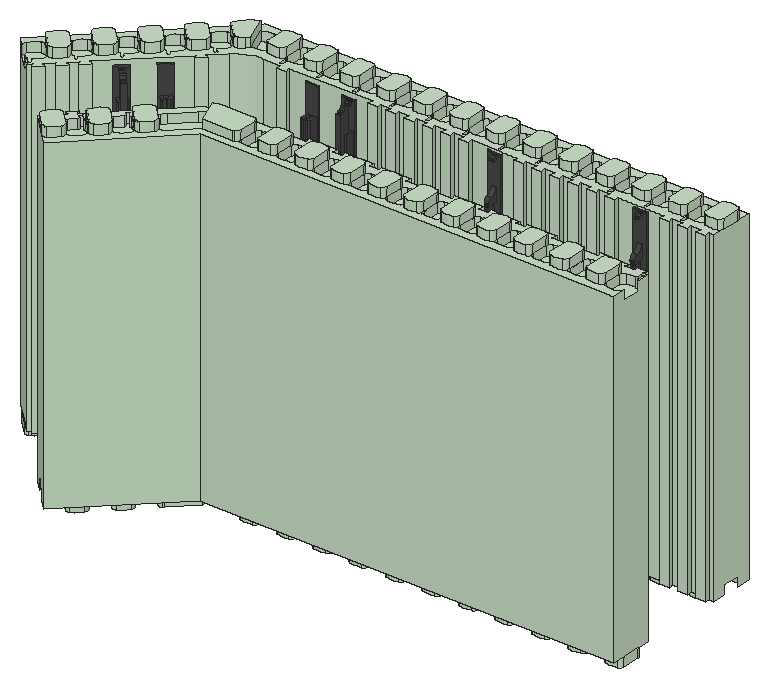
Revit family "ICF- NUDURA 4-inch- 45 Degree Form Unit- Imperial", category Generic Models, Revit 2011
Reference planes (in)
  plane 1 "Center (Front/Back)": y = 0
  plane 2: z = 0
  plane 3 "Center (Left/Right)": x = 0
  plane 4: y = 2
  plane 5: y = -2
  plane 6: through (-0.53553, 2.29289, 48) normal (0.7071, -0.7071, 0)
  plane 7: through (4.67464, 4.67464, 48) normal (0.7071, -0.7071, 0)
  plane 8: through (6.08886, 3.26043, 48) normal (0.7071, -0.7071, 0)
  plane 9: z = 18
  plane 10: through (-9.36225, -2.82151, 48) normal (0.7071, 0.7071, 0)
Forms (in)
  Extrusion 1, solid, material "NUDURA Expanded Polystyrene Foam Insulation"
    sketch origin (0, 0, 0) x (1, 0, 0) y (0, 1, 0)
      loop
        line (-1.91574, 4.625) -> (-9.36225, -2.82151) -> (-7.68287, -4.50089) -> (-7.48406, -4.30208) -> (-7.35136, -4.52293) -> (-6.95373, -4.1253) -> (-7.17458, -3.9926) -> (-6.77695, -3.59497) -> (-6.64425, -3.81582) -> (-6.24662, -3.41819) -> (-6.46747, -3.28549) -> (-6.06985, -2.88786) -> (-5.93714, -3.10872) -> (-5.53952, -2.71109) -> (-5.76037, -2.57839) -> (-2.53419, 0.64779) -> (-2.40149, 0.42694) -> (-2.00386, 0.82456) -> (-2.22471, 0.95727) -> (-1.51777, 1.66421)
        arc (-1.51777, 1.66421) -> (-0.86892, 2.09776) -> (-0.10355, 2.25) r 2
        line (-0.10355, 2.25) -> (0.89622, 2.25) -> (0.83389, 2) -> (1.39622, 2) -> (1.33389, 2.25) -> (5.89639, 2.25) -> (5.83406, 2) -> (6.39639, 2) -> (6.33406, 2.25) -> (6.89639, 2.25) -> (6.83406, 2) -> (7.39639, 2) -> (7.33406, 2.25) -> (7.89639, 2.25) -> (7.83406, 2) -> (8.39639, 2) -> (8.33406, 2.25) -> (8.89639, 2.25) -> (8.83406, 2) -> (9.39639, 2) -> (9.33406, 2.25) -> (9.89639, 2.25) -> (9.83406, 2) -> (10.39639, 2) -> (10.33406, 2.25) -> (10.89639, 2.25) -> (10.83406, 2) -> (11.39639, 2) -> (11.33406, 2.25) -> (13.89639, 2.25) -> (13.83406, 2) -> (14.39639, 2) -> (14.33406, 2.25) -> (14.89639, 2.25) -> (14.83406, 2) -> (15.39639, 2) -> (15.33406, 2.25) -> (15.89639, 2.25) -> (15.83406, 2) -> (16.39639, 2) -> (16.33406, 2.25) -> (16.89639, 2.25) -> (16.83406, 2) -> (17.39639, 2) -> (17.33406, 2.25) -> (17.89639, 2.25) -> (17.83406, 2) -> (18.39639, 2) -> (18.33406, 2.25) -> (18.89639, 2.25) -> (18.83406, 2) -> (19.39639, 2) -> (19.33406, 2.25) -> (21.89639, 2.25) -> (21.83406, 2) -> (22.39639, 2) -> (22.33406, 2.25) -> (22.89639, 2.25) -> (22.83406, 2) -> (23.39639, 2) -> (23.33406, 2.25) -> (23.89639, 2.25) -> (23.83406, 2) -> (24.39639, 2) -> (24.33406, 2.25) -> (24.61522, 2.25) -> (24.61522, 4.625) -> (-1.91574, 4.625)
      loop
        line (24.61522, -2.25) -> (24.33406, -2.25) -> (24.39639, -2) -> (23.83406, -2) -> (23.89639, -2.25) -> (23.33406, -2.25) -> (23.39639, -2) -> (22.83406, -2) -> (22.89639, -2.25) -> (22.33406, -2.25) -> (22.39639, -2) -> (21.83406, -2) -> (21.89639, -2.25) -> (19.33406, -2.25) -> (19.39639, -2) -> (18.83406, -2) -> (18.89639, -2.25) -> (18.33406, -2.25) -> (18.39639, -2) -> (17.83406, -2) -> (17.89639, -2.25) -> (17.33406, -2.25) -> (17.39639, -2) -> (16.83406, -2) -> (16.89639, -2.25) -> (16.33406, -2.25) -> (16.39639, -2) -> (15.83406, -2) -> (15.89639, -2.25) -> (15.33406, -2.25) -> (15.39639, -2) -> (14.83406, -2) -> (14.89639, -2.25) -> (14.33406, -2.25) -> (14.39639, -2) -> (13.83406, -2) -> (13.89639, -2.25) -> (11.33406, -2.25) -> (11.39639, -2) -> (10.83406, -2) -> (10.89639, -2.25) -> (10.33406, -2.25) -> (10.39639, -2) -> (9.83406, -2) -> (9.89639, -2.25) -> (9.33406, -2.25) -> (9.39639, -2) -> (8.83406, -2) -> (8.89639, -2.25) -> (8.33406, -2.25) -> (8.39639, -2) -> (7.83406, -2) -> (7.89639, -2.25) -> (7.33406, -2.25) -> (7.39639, -2) -> (6.83406, -2) -> (6.89639, -2.25) -> (6.33406, -2.25) -> (6.39639, -2) -> (5.83406, -2) -> (5.89639, -2.25) -> (1.76041, -2.25)
        arc (1.76041, -2.25) -> (0.99504, -2.40224) -> (0.34619, -2.83579) r 2
        line (0.34619, -2.83579) -> (-2.57839, -5.76037) -> (-2.71109, -5.53952) -> (-3.10872, -5.93714) -> (-2.88786, -6.06985) -> (-3.28549, -6.46747) -> (-3.41819, -6.24662) -> (-3.81582, -6.64425) -> (-3.59497, -6.77695) -> (-3.9926, -7.17458) -> (-4.1253, -6.95373) -> (-4.52293, -7.35136) -> (-4.30208, -7.48406) -> (-4.50089, -7.68287) -> (-2.82151, -9.36225) -> (1.91574, -4.625) -> (24.61522, -4.625) -> (24.61522, -2.25)
    from 0 to 18
  Extrusion 2, solid, material "NUDURA Expanded Polystyrene Foam Insulation"
    sketch origin (0.41421, -1, 0) x (1, 0, 0) y (0, 1, 0)
      loop
        line (-1.52741, 3.6875) -> (-2.09947, 5.06856)
        arc (-2.09947, 5.06856) -> (-2.3696, 4.92417) -> (-2.60638, 4.72985) r 1.5625
        line (-2.60638, 4.72985) -> (-2.74959, 4.58664)
        arc (-2.74959, 4.58664) -> (-2.85744, 4.46046) -> (-2.94431, 4.31902) r 1.0625
        arc (-2.94431, 4.31902) -> (-2.96867, 4.16628) -> (-2.8985, 4.02844) r 0.25
        line (-2.8985, 4.02844) -> (-2.24713, 3.37708)
        arc (-2.24713, 3.37708) -> (-2.10929, 3.3069) -> (-1.95655, 3.33126) r 0.25
        arc (-1.95655, 3.33126) -> (-1.81511, 3.41814) -> (-1.68893, 3.52598) r 1.0625
        line (-1.68893, 3.52598) -> (-1.52741, 3.6875)
    from 18 to 18.5
  Extrusion 3, solid, material "NUDURA Expanded Polystyrene Foam Insulation"
    sketch origin (0.41421, -1, 0) x (1, 0, 0) y (0, 1, 0)
      loop
        line (-1.52741, 3.6875) -> (-1.29899, 3.6875)
        arc (-1.29899, 3.6875) -> (-1.13351, 3.70047) -> (-0.97207, 3.73905) r 1.0625
        arc (-0.97207, 3.73905) -> (-0.84684, 3.82983) -> (-0.79899, 3.97692) r 0.25
        line (-0.79899, 3.97692) -> (-0.79899, 4.89808)
        arc (-0.79899, 4.89808) -> (-0.84684, 5.04517) -> (-0.97207, 5.13595) r 0.25
        arc (-0.97207, 5.13595) -> (-1.13351, 5.17453) -> (-1.29899, 5.1875) r 1.0625
        line (-1.29899, 5.1875) -> (-1.50152, 5.1875)
        arc (-1.50152, 5.1875) -> (-1.80635, 5.15748) -> (-2.09947, 5.06856) r 1.5625
        line (-2.09947, 5.06856) -> (-1.52741, 3.6875)
    from 0 to -0.5
  Extrusion 4, void
    sketch origin (-1, 0.41421, 0) x (1, 0, 0) y (0, 1, 0)
      loop
        arc (-1.33783, -8.60117) -> (-1.07021, -8.40645) -> (-0.87549, -8.13883) r 1.0625
        arc (-0.87549, -8.13883) -> (-0.85114, -7.98608) -> (-0.92131, -7.84824) r 0.25
        line (-0.92131, -7.84824) -> (-1.57267, -7.19688)
        arc (-1.57267, -7.19688) -> (-1.64938, -7.14456) -> (-1.7399, -7.12384) r 0.25
        arc (-1.7399, -7.12384) -> (-1.76253, -7.11866) -> (-1.78171, -7.10558) r 0.0625
        line (-1.78171, -7.10558) -> (-2.02643, -6.86086) -> (-2.14723, -6.98165) -> (-1.99053, -7.13835)
        arc (-1.99053, -7.13835) -> (-1.97244, -7.18765) -> (-1.99833, -7.23335) r 0.0625
        arc (-1.99833, -7.23335) -> (-2.18471, -7.40379) -> (-2.32559, -7.6134) r 1.0625
        arc (-2.32559, -7.6134) -> (-2.34995, -7.76615) -> (-2.27978, -7.90399) r 0.25
        line (-2.27978, -7.90399) -> (-1.62842, -8.55535)
        arc (-1.62842, -8.55535) -> (-1.49058, -8.62552) -> (-1.33783, -8.60117) r 0.25
    from 18 to 17.5
  Extrusion 5, void
    sketch origin (0.41421, 1.82843, 0) x (1, 0, 0) y (0, 1, 0)
      loop
        arc (-1.33783, -8.60117) -> (-1.07021, -8.40645) -> (-0.87549, -8.13883) r 1.0625
        arc (-0.87549, -8.13883) -> (-0.85114, -7.98608) -> (-0.92131, -7.84824) r 0.25
        line (-0.92131, -7.84824) -> (-1.57267, -7.19688)
        arc (-1.57267, -7.19688) -> (-1.64938, -7.14456) -> (-1.7399, -7.12384) r 0.25
        arc (-1.7399, -7.12384) -> (-1.76253, -7.11866) -> (-1.78171, -7.10558) r 0.0625
        line (-1.78171, -7.10558) -> (-2.02643, -6.86086) -> (-2.14723, -6.98165) -> (-1.99053, -7.13835)
        arc (-1.99053, -7.13835) -> (-1.97244, -7.18765) -> (-1.99833, -7.23335) r 0.0625
        arc (-1.99833, -7.23335) -> (-2.18471, -7.40379) -> (-2.32559, -7.6134) r 1.0625
        arc (-2.32559, -7.6134) -> (-2.34995, -7.76615) -> (-2.27978, -7.90399) r 0.25
        line (-2.27978, -7.90399) -> (-1.62842, -8.55535)
        arc (-1.62842, -8.55535) -> (-1.49058, -8.62552) -> (-1.33783, -8.60117) r 0.25
    from 18 to 17.5
  Extrusion 6, void
    sketch origin (10.81623, 1, 0) x (0.707107, -0.707107, 0) y (0.707107, 0.707107, 0)
      loop
        arc (-1.33783, -8.60117) -> (-1.07021, -8.40645) -> (-0.87549, -8.13883) r 1.0625
        arc (-0.87549, -8.13883) -> (-0.85114, -7.98608) -> (-0.92131, -7.84824) r 0.25
        line (-0.92131, -7.84824) -> (-1.57267, -7.19688)
        arc (-1.57267, -7.19688) -> (-1.64938, -7.14456) -> (-1.7399, -7.12384) r 0.25
        arc (-1.7399, -7.12384) -> (-1.76253, -7.11866) -> (-1.78171, -7.10558) r 0.0625
        line (-1.78171, -7.10558) -> (-2.02643, -6.86086) -> (-2.14723, -6.98165) -> (-1.99053, -7.13835)
        arc (-1.99053, -7.13835) -> (-1.97244, -7.18765) -> (-1.99833, -7.23335) r 0.0625
        arc (-1.99833, -7.23335) -> (-2.18471, -7.40379) -> (-2.32559, -7.6134) r 1.0625
        arc (-2.32559, -7.6134) -> (-2.34995, -7.76615) -> (-2.27978, -7.90399) r 0.25
        line (-2.27978, -7.90399) -> (-1.62842, -8.55535)
        arc (-1.62842, -8.55535) -> (-1.49058, -8.62552) -> (-1.33783, -8.60117) r 0.25
    from 18 to 17.5
  Extrusion 7, void
    sketch origin (12.81623, 1, 0) x (0.707107, -0.707107, 0) y (0.707107, 0.707107, 0)
      loop
        arc (-1.33783, -8.60117) -> (-1.07021, -8.40645) -> (-0.87549, -8.13883) r 1.0625
        arc (-0.87549, -8.13883) -> (-0.85114, -7.98608) -> (-0.92131, -7.84824) r 0.25
        line (-0.92131, -7.84824) -> (-1.57267, -7.19688)
        arc (-1.57267, -7.19688) -> (-1.64938, -7.14456) -> (-1.7399, -7.12384) r 0.25
        arc (-1.7399, -7.12384) -> (-1.76253, -7.11866) -> (-1.78171, -7.10558) r 0.0625
        line (-1.78171, -7.10558) -> (-2.02643, -6.86086) -> (-2.14723, -6.98165) -> (-1.99053, -7.13835)
        arc (-1.99053, -7.13835) -> (-1.97244, -7.18765) -> (-1.99833, -7.23335) r 0.0625
        arc (-1.99833, -7.23335) -> (-2.18471, -7.40379) -> (-2.32559, -7.6134) r 1.0625
        arc (-2.32559, -7.6134) -> (-2.34995, -7.76615) -> (-2.27978, -7.90399) r 0.25
        line (-2.27978, -7.90399) -> (-1.62842, -8.55535)
        arc (-1.62842, -8.55535) -> (-1.49058, -8.62552) -> (-1.33783, -8.60117) r 0.25
    from 18 to 17.5
  Extrusion 8, void
    sketch origin (14.81623, 1, 0) x (0.707107, -0.707107, 0) y (0.707107, 0.707107, 0)
      loop
        arc (-1.33783, -8.60117) -> (-1.07021, -8.40645) -> (-0.87549, -8.13883) r 1.0625
        arc (-0.87549, -8.13883) -> (-0.85114, -7.98608) -> (-0.92131, -7.84824) r 0.25
        line (-0.92131, -7.84824) -> (-1.57267, -7.19688)
        arc (-1.57267, -7.19688) -> (-1.64938, -7.14456) -> (-1.7399, -7.12384) r 0.25
        arc (-1.7399, -7.12384) -> (-1.76253, -7.11866) -> (-1.78171, -7.10558) r 0.0625
        line (-1.78171, -7.10558) -> (-2.02643, -6.86086) -> (-2.14723, -6.98165) -> (-1.99053, -7.13835)
        arc (-1.99053, -7.13835) -> (-1.97244, -7.18765) -> (-1.99833, -7.23335) r 0.0625
        arc (-1.99833, -7.23335) -> (-2.18471, -7.40379) -> (-2.32559, -7.6134) r 1.0625
        arc (-2.32559, -7.6134) -> (-2.34995, -7.76615) -> (-2.27978, -7.90399) r 0.25
        line (-2.27978, -7.90399) -> (-1.62842, -8.55535)
        arc (-1.62842, -8.55535) -> (-1.49058, -8.62552) -> (-1.33783, -8.60117) r 0.25
    from 18 to 17.5
  Extrusion 9, void
    sketch origin (16.81623, 1, 0) x (0.707107, -0.707107, 0) y (0.707107, 0.707107, 0)
      loop
        arc (-1.33783, -8.60117) -> (-1.07021, -8.40645) -> (-0.87549, -8.13883) r 1.0625
        arc (-0.87549, -8.13883) -> (-0.85114, -7.98608) -> (-0.92131, -7.84824) r 0.25
        line (-0.92131, -7.84824) -> (-1.57267, -7.19688)
        arc (-1.57267, -7.19688) -> (-1.64938, -7.14456) -> (-1.7399, -7.12384) r 0.25
        arc (-1.7399, -7.12384) -> (-1.76253, -7.11866) -> (-1.78171, -7.10558) r 0.0625
        line (-1.78171, -7.10558) -> (-2.02643, -6.86086) -> (-2.14723, -6.98165) -> (-1.99053, -7.13835)
        arc (-1.99053, -7.13835) -> (-1.97244, -7.18765) -> (-1.99833, -7.23335) r 0.0625
        arc (-1.99833, -7.23335) -> (-2.18471, -7.40379) -> (-2.32559, -7.6134) r 1.0625
        arc (-2.32559, -7.6134) -> (-2.34995, -7.76615) -> (-2.27978, -7.90399) r 0.25
        line (-2.27978, -7.90399) -> (-1.62842, -8.55535)
        arc (-1.62842, -8.55535) -> (-1.49058, -8.62552) -> (-1.33783, -8.60117) r 0.25
    from 18 to 17.5
  Extrusion 10, void
    sketch origin (18.81623, 1, 0) x (0.707107, -0.707107, 0) y (0.707107, 0.707107, 0)
      loop
        arc (-1.33783, -8.60117) -> (-1.07021, -8.40645) -> (-0.87549, -8.13883) r 1.0625
        arc (-0.87549, -8.13883) -> (-0.85114, -7.98608) -> (-0.92131, -7.84824) r 0.25
        line (-0.92131, -7.84824) -> (-1.57267, -7.19688)
        arc (-1.57267, -7.19688) -> (-1.64938, -7.14456) -> (-1.7399, -7.12384) r 0.25
        arc (-1.7399, -7.12384) -> (-1.76253, -7.11866) -> (-1.78171, -7.10558) r 0.0625
        line (-1.78171, -7.10558) -> (-2.02643, -6.86086) -> (-2.14723, -6.98165) -> (-1.99053, -7.13835)
        arc (-1.99053, -7.13835) -> (-1.97244, -7.18765) -> (-1.99833, -7.23335) r 0.0625
        arc (-1.99833, -7.23335) -> (-2.18471, -7.40379) -> (-2.32559, -7.6134) r 1.0625
        arc (-2.32559, -7.6134) -> (-2.34995, -7.76615) -> (-2.27978, -7.90399) r 0.25
        line (-2.27978, -7.90399) -> (-1.62842, -8.55535)
        arc (-1.62842, -8.55535) -> (-1.49058, -8.62552) -> (-1.33783, -8.60117) r 0.25
    from 18 to 17.5
  Extrusion 11, void
    sketch origin (20.81623, 1, 0) x (0.707107, -0.707107, 0) y (0.707107, 0.707107, 0)
      loop
        arc (-1.33783, -8.60117) -> (-1.07021, -8.40645) -> (-0.87549, -8.13883) r 1.0625
        arc (-0.87549, -8.13883) -> (-0.85114, -7.98608) -> (-0.92131, -7.84824) r 0.25
        line (-0.92131, -7.84824) -> (-1.57267, -7.19688)
        arc (-1.57267, -7.19688) -> (-1.64938, -7.14456) -> (-1.7399, -7.12384) r 0.25
        arc (-1.7399, -7.12384) -> (-1.76253, -7.11866) -> (-1.78171, -7.10558) r 0.0625
        line (-1.78171, -7.10558) -> (-2.02643, -6.86086) -> (-2.14723, -6.98165) -> (-1.99053, -7.13835)
        arc (-1.99053, -7.13835) -> (-1.97244, -7.18765) -> (-1.99833, -7.23335) r 0.0625
        arc (-1.99833, -7.23335) -> (-2.18471, -7.40379) -> (-2.32559, -7.6134) r 1.0625
        arc (-2.32559, -7.6134) -> (-2.34995, -7.76615) -> (-2.27978, -7.90399) r 0.25
        line (-2.27978, -7.90399) -> (-1.62842, -8.55535)
        arc (-1.62842, -8.55535) -> (-1.49058, -8.62552) -> (-1.33783, -8.60117) r 0.25
    from 18 to 17.5
  Extrusion 12, void
    sketch origin (22.81623, 1, 0) x (0.707107, -0.707107, 0) y (0.707107, 0.707107, 0)
      loop
        arc (-1.33783, -8.60117) -> (-1.07021, -8.40645) -> (-0.87549, -8.13883) r 1.0625
        arc (-0.87549, -8.13883) -> (-0.85114, -7.98608) -> (-0.92131, -7.84824) r 0.25
        line (-0.92131, -7.84824) -> (-1.57267, -7.19688)
        arc (-1.57267, -7.19688) -> (-1.64938, -7.14456) -> (-1.7399, -7.12384) r 0.25
        arc (-1.7399, -7.12384) -> (-1.76253, -7.11866) -> (-1.78171, -7.10558) r 0.0625
        line (-1.78171, -7.10558) -> (-2.02643, -6.86086) -> (-2.14723, -6.98165) -> (-1.99053, -7.13835)
        arc (-1.99053, -7.13835) -> (-1.97244, -7.18765) -> (-1.99833, -7.23335) r 0.0625
        arc (-1.99833, -7.23335) -> (-2.18471, -7.40379) -> (-2.32559, -7.6134) r 1.0625
        arc (-2.32559, -7.6134) -> (-2.34995, -7.76615) -> (-2.27978, -7.90399) r 0.25
        line (-2.27978, -7.90399) -> (-1.62842, -8.55535)
        arc (-1.62842, -8.55535) -> (-1.49058, -8.62552) -> (-1.33783, -8.60117) r 0.25
    from 18 to 17.5
  Extrusion 13, void
    sketch origin (24.81623, 1, 0) x (0.707107, -0.707107, 0) y (0.707107, 0.707107, 0)
      loop
        arc (-1.33783, -8.60117) -> (-1.07021, -8.40645) -> (-0.87549, -8.13883) r 1.0625
        arc (-0.87549, -8.13883) -> (-0.85114, -7.98608) -> (-0.92131, -7.84824) r 0.25
        line (-0.92131, -7.84824) -> (-1.57267, -7.19688)
        arc (-1.57267, -7.19688) -> (-1.64938, -7.14456) -> (-1.7399, -7.12384) r 0.25
        arc (-1.7399, -7.12384) -> (-1.76253, -7.11866) -> (-1.78171, -7.10558) r 0.0625
        line (-1.78171, -7.10558) -> (-2.02643, -6.86086) -> (-2.14723, -6.98165) -> (-1.99053, -7.13835)
        arc (-1.99053, -7.13835) -> (-1.97244, -7.18765) -> (-1.99833, -7.23335) r 0.0625
        arc (-1.99833, -7.23335) -> (-2.18471, -7.40379) -> (-2.32559, -7.6134) r 1.0625
        arc (-2.32559, -7.6134) -> (-2.34995, -7.76615) -> (-2.27978, -7.90399) r 0.25
        line (-2.27978, -7.90399) -> (-1.62842, -8.55535)
        arc (-1.62842, -8.55535) -> (-1.49058, -8.62552) -> (-1.33783, -8.60117) r 0.25
    from 18 to 17.5
  Extrusion 14, void
    sketch origin (26.81623, 1, 0) x (0.707107, -0.707107, 0) y (0.707107, 0.707107, 0)
      loop
        arc (-1.33783, -8.60117) -> (-1.07021, -8.40645) -> (-0.87549, -8.13883) r 1.0625
        arc (-0.87549, -8.13883) -> (-0.85114, -7.98608) -> (-0.92131, -7.84824) r 0.25
        line (-0.92131, -7.84824) -> (-1.57267, -7.19688)
        arc (-1.57267, -7.19688) -> (-1.64938, -7.14456) -> (-1.7399, -7.12384) r 0.25
        arc (-1.7399, -7.12384) -> (-1.76253, -7.11866) -> (-1.78171, -7.10558) r 0.0625
        line (-1.78171, -7.10558) -> (-2.02643, -6.86086) -> (-2.14723, -6.98165) -> (-1.99053, -7.13835)
        arc (-1.99053, -7.13835) -> (-1.97244, -7.18765) -> (-1.99833, -7.23335) r 0.0625
        arc (-1.99833, -7.23335) -> (-2.18471, -7.40379) -> (-2.32559, -7.6134) r 1.0625
        arc (-2.32559, -7.6134) -> (-2.34995, -7.76615) -> (-2.27978, -7.90399) r 0.25
        line (-2.27978, -7.90399) -> (-1.62842, -8.55535)
        arc (-1.62842, -8.55535) -> (-1.49058, -8.62552) -> (-1.33783, -8.60117) r 0.25
    from 18 to 17.5
  Extrusion 15, void
    sketch origin (28.81623, 1, 0) x (0.707107, -0.707107, 0) y (0.707107, 0.707107, 0)
      loop
        arc (-1.33783, -8.60117) -> (-1.07021, -8.40645) -> (-0.87549, -8.13883) r 1.0625
        arc (-0.87549, -8.13883) -> (-0.85114, -7.98608) -> (-0.92131, -7.84824) r 0.25
        line (-0.92131, -7.84824) -> (-1.57267, -7.19688)
        arc (-1.57267, -7.19688) -> (-1.64938, -7.14456) -> (-1.7399, -7.12384) r 0.25
        arc (-1.7399, -7.12384) -> (-1.76253, -7.11866) -> (-1.78171, -7.10558) r 0.0625
        line (-1.78171, -7.10558) -> (-2.02643, -6.86086) -> (-2.14723, -6.98165) -> (-1.99053, -7.13835)
        arc (-1.99053, -7.13835) -> (-1.97244, -7.18765) -> (-1.99833, -7.23335) r 0.0625
        arc (-1.99833, -7.23335) -> (-2.18471, -7.40379) -> (-2.32559, -7.6134) r 1.0625
        arc (-2.32559, -7.6134) -> (-2.34995, -7.76615) -> (-2.27978, -7.90399) r 0.25
        line (-2.27978, -7.90399) -> (-1.62842, -8.55535)
        arc (-1.62842, -8.55535) -> (-1.49058, -8.62552) -> (-1.33783, -8.60117) r 0.25
    from 18 to 17.5
  Extrusion 16, void
    sketch origin (30.81623, 1, 0) x (0.707107, -0.707107, 0) y (0.707107, 0.707107, 0)
      loop
        arc (-1.33783, -8.60117) -> (-1.07021, -8.40645) -> (-0.87549, -8.13883) r 1.0625
        arc (-0.87549, -8.13883) -> (-0.85114, -7.98608) -> (-0.92131, -7.84824) r 0.25
        line (-0.92131, -7.84824) -> (-1.57267, -7.19688)
        arc (-1.57267, -7.19688) -> (-1.64938, -7.14456) -> (-1.7399, -7.12384) r 0.25
        arc (-1.7399, -7.12384) -> (-1.76253, -7.11866) -> (-1.78171, -7.10558) r 0.0625
        line (-1.78171, -7.10558) -> (-2.02643, -6.86086) -> (-2.14723, -6.98165) -> (-1.99053, -7.13835)
        arc (-1.99053, -7.13835) -> (-1.97244, -7.18765) -> (-1.99833, -7.23335) r 0.0625
        arc (-1.99833, -7.23335) -> (-2.18471, -7.40379) -> (-2.32559, -7.6134) r 1.0625
        arc (-2.32559, -7.6134) -> (-2.34995, -7.76615) -> (-2.27978, -7.90399) r 0.25
        line (-2.27978, -7.90399) -> (-1.62842, -8.55535)
        arc (-1.62842, -8.55535) -> (-1.49058, -8.62552) -> (-1.33783, -8.60117) r 0.25
    from 18 to 17.5
  Extrusion 17, void
    sketch origin (14.41421, -1, 0) x (-0.707107, 0.707107, 0) y (-0.707107, -0.707107, 0)
      loop
        arc (-1.33783, -8.60117) -> (-1.07021, -8.40645) -> (-0.87549, -8.13883) r 1.0625
        arc (-0.87549, -8.13883) -> (-0.85114, -7.98608) -> (-0.92131, -7.84824) r 0.25
        line (-0.92131, -7.84824) -> (-1.57267, -7.19688)
        arc (-1.57267, -7.19688) -> (-1.64938, -7.14456) -> (-1.7399, -7.12384) r 0.25
        arc (-1.7399, -7.12384) -> (-1.76253, -7.11866) -> (-1.78171, -7.10558) r 0.0625
        line (-1.78171, -7.10558) -> (-2.02643, -6.86086) -> (-2.14723, -6.98165) -> (-1.99053, -7.13835)
        arc (-1.99053, -7.13835) -> (-1.97244, -7.18765) -> (-1.99833, -7.23335) r 0.0625
        arc (-1.99833, -7.23335) -> (-2.18471, -7.40379) -> (-2.32559, -7.6134) r 1.0625
        arc (-2.32559, -7.6134) -> (-2.34995, -7.76615) -> (-2.27978, -7.90399) r 0.25
        line (-2.27978, -7.90399) -> (-1.62842, -8.55535)
        arc (-1.62842, -8.55535) -> (-1.49058, -8.62552) -> (-1.33783, -8.60117) r 0.25
    from 18 to 17.5
  Extrusion 18, void
    sketch origin (16.41421, -1, 0) x (-0.707107, 0.707107, 0) y (-0.707107, -0.707107, 0)
      loop
        arc (-1.33783, -8.60117) -> (-1.07021, -8.40645) -> (-0.87549, -8.13883) r 1.0625
        arc (-0.87549, -8.13883) -> (-0.85114, -7.98608) -> (-0.92131, -7.84824) r 0.25
        line (-0.92131, -7.84824) -> (-1.57267, -7.19688)
        arc (-1.57267, -7.19688) -> (-1.64938, -7.14456) -> (-1.7399, -7.12384) r 0.25
        arc (-1.7399, -7.12384) -> (-1.76253, -7.11866) -> (-1.78171, -7.10558) r 0.0625
        line (-1.78171, -7.10558) -> (-2.02643, -6.86086) -> (-2.14723, -6.98165) -> (-1.99053, -7.13835)
        arc (-1.99053, -7.13835) -> (-1.97244, -7.18765) -> (-1.99833, -7.23335) r 0.0625
        arc (-1.99833, -7.23335) -> (-2.18471, -7.40379) -> (-2.32559, -7.6134) r 1.0625
        arc (-2.32559, -7.6134) -> (-2.34995, -7.76615) -> (-2.27978, -7.90399) r 0.25
        line (-2.27978, -7.90399) -> (-1.62842, -8.55535)
        arc (-1.62842, -8.55535) -> (-1.49058, -8.62552) -> (-1.33783, -8.60117) r 0.25
    from 18 to 17.5
  Extrusion 19, void
    sketch origin (12.41421, -1, 0) x (-0.707107, 0.707107, 0) y (-0.707107, -0.707107, 0)
      loop
        arc (-1.33783, -8.60117) -> (-1.07021, -8.40645) -> (-0.87549, -8.13883) r 1.0625
        arc (-0.87549, -8.13883) -> (-0.85114, -7.98608) -> (-0.92131, -7.84824) r 0.25
        line (-0.92131, -7.84824) -> (-1.57267, -7.19688)
        arc (-1.57267, -7.19688) -> (-1.64938, -7.14456) -> (-1.7399, -7.12384) r 0.25
        arc (-1.7399, -7.12384) -> (-1.76253, -7.11866) -> (-1.78171, -7.10558) r 0.0625
        line (-1.78171, -7.10558) -> (-2.02643, -6.86086) -> (-2.14723, -6.98165) -> (-1.99053, -7.13835)
        arc (-1.99053, -7.13835) -> (-1.97244, -7.18765) -> (-1.99833, -7.23335) r 0.0625
        arc (-1.99833, -7.23335) -> (-2.18471, -7.40379) -> (-2.32559, -7.6134) r 1.0625
        arc (-2.32559, -7.6134) -> (-2.34995, -7.76615) -> (-2.27978, -7.90399) r 0.25
        line (-2.27978, -7.90399) -> (-1.62842, -8.55535)
        arc (-1.62842, -8.55535) -> (-1.49058, -8.62552) -> (-1.33783, -8.60117) r 0.25
    from 18 to 17.5
  Extrusion 20, void
    sketch origin (10.41421, -1, 0) x (-0.707107, 0.707107, 0) y (-0.707107, -0.707107, 0)
      loop
        arc (-1.33783, -8.60117) -> (-1.07021, -8.40645) -> (-0.87549, -8.13883) r 1.0625
        arc (-0.87549, -8.13883) -> (-0.85114, -7.98608) -> (-0.92131, -7.84824) r 0.25
        line (-0.92131, -7.84824) -> (-1.57267, -7.19688)
        arc (-1.57267, -7.19688) -> (-1.64938, -7.14456) -> (-1.7399, -7.12384) r 0.25
        arc (-1.7399, -7.12384) -> (-1.76253, -7.11866) -> (-1.78171, -7.10558) r 0.0625
        line (-1.78171, -7.10558) -> (-2.02643, -6.86086) -> (-2.14723, -6.98165) -> (-1.99053, -7.13835)
        arc (-1.99053, -7.13835) -> (-1.97244, -7.18765) -> (-1.99833, -7.23335) r 0.0625
        arc (-1.99833, -7.23335) -> (-2.18471, -7.40379) -> (-2.32559, -7.6134) r 1.0625
        arc (-2.32559, -7.6134) -> (-2.34995, -7.76615) -> (-2.27978, -7.90399) r 0.25
        line (-2.27978, -7.90399) -> (-1.62842, -8.55535)
        arc (-1.62842, -8.55535) -> (-1.49058, -8.62552) -> (-1.33783, -8.60117) r 0.25
    from 18 to 17.5
  Extrusion 21, void
    sketch origin (8.41421, -1, 0) x (-0.707107, 0.707107, 0) y (-0.707107, -0.707107, 0)
      loop
        arc (-1.33783, -8.60117) -> (-1.07021, -8.40645) -> (-0.87549, -8.13883) r 1.0625
        arc (-0.87549, -8.13883) -> (-0.85114, -7.98608) -> (-0.92131, -7.84824) r 0.25
        line (-0.92131, -7.84824) -> (-1.57267, -7.19688)
        arc (-1.57267, -7.19688) -> (-1.64938, -7.14456) -> (-1.7399, -7.12384) r 0.25
        arc (-1.7399, -7.12384) -> (-1.76253, -7.11866) -> (-1.78171, -7.10558) r 0.0625
        line (-1.78171, -7.10558) -> (-2.02643, -6.86086) -> (-2.14723, -6.98165) -> (-1.99053, -7.13835)
        arc (-1.99053, -7.13835) -> (-1.97244, -7.18765) -> (-1.99833, -7.23335) r 0.0625
        arc (-1.99833, -7.23335) -> (-2.18471, -7.40379) -> (-2.32559, -7.6134) r 1.0625
        arc (-2.32559, -7.6134) -> (-2.34995, -7.76615) -> (-2.27978, -7.90399) r 0.25
        line (-2.27978, -7.90399) -> (-1.62842, -8.55535)
        arc (-1.62842, -8.55535) -> (-1.49058, -8.62552) -> (-1.33783, -8.60117) r 0.25
    from 18 to 17.5
  Extrusion 22, void
    sketch origin (6.41421, -1, 0) x (-0.707107, 0.707107, 0) y (-0.707107, -0.707107, 0)
      loop
        arc (-1.33783, -8.60117) -> (-1.07021, -8.40645) -> (-0.87549, -8.13883) r 1.0625
        arc (-0.87549, -8.13883) -> (-0.85114, -7.98608) -> (-0.92131, -7.84824) r 0.25
        line (-0.92131, -7.84824) -> (-1.57267, -7.19688)
        arc (-1.57267, -7.19688) -> (-1.64938, -7.14456) -> (-1.7399, -7.12384) r 0.25
        arc (-1.7399, -7.12384) -> (-1.76253, -7.11866) -> (-1.78171, -7.10558) r 0.0625
        line (-1.78171, -7.10558) -> (-2.02643, -6.86086) -> (-2.14723, -6.98165) -> (-1.99053, -7.13835)
        arc (-1.99053, -7.13835) -> (-1.97244, -7.18765) -> (-1.99833, -7.23335) r 0.0625
        arc (-1.99833, -7.23335) -> (-2.18471, -7.40379) -> (-2.32559, -7.6134) r 1.0625
        arc (-2.32559, -7.6134) -> (-2.34995, -7.76615) -> (-2.27978, -7.90399) r 0.25
        line (-2.27978, -7.90399) -> (-1.62842, -8.55535)
        arc (-1.62842, -8.55535) -> (-1.49058, -8.62552) -> (-1.33783, -8.60117) r 0.25
    from 18 to 17.5
  Extrusion 23, void
    sketch origin (4.41421, -1, 0) x (-0.707107, 0.707107, 0) y (-0.707107, -0.707107, 0)
      loop
        arc (-1.33783, -8.60117) -> (-1.07021, -8.40645) -> (-0.87549, -8.13883) r 1.0625
        arc (-0.87549, -8.13883) -> (-0.85114, -7.98608) -> (-0.92131, -7.84824) r 0.25
        line (-0.92131, -7.84824) -> (-1.57267, -7.19688)
        arc (-1.57267, -7.19688) -> (-1.64938, -7.14456) -> (-1.7399, -7.12384) r 0.25
        arc (-1.7399, -7.12384) -> (-1.76253, -7.11866) -> (-1.78171, -7.10558) r 0.0625
        line (-1.78171, -7.10558) -> (-2.02643, -6.86086) -> (-2.14723, -6.98165) -> (-1.99053, -7.13835)
        arc (-1.99053, -7.13835) -> (-1.97244, -7.18765) -> (-1.99833, -7.23335) r 0.0625
        arc (-1.99833, -7.23335) -> (-2.18471, -7.40379) -> (-2.32559, -7.6134) r 1.0625
        arc (-2.32559, -7.6134) -> (-2.34995, -7.76615) -> (-2.27978, -7.90399) r 0.25
        line (-2.27978, -7.90399) -> (-1.62842, -8.55535)
        arc (-1.62842, -8.55535) -> (-1.49058, -8.62552) -> (-1.33783, -8.60117) r 0.25
    from 18 to 17.5
  Extrusion 24, void
    sketch origin (2.41421, -1, 0) x (-0.707107, 0.707107, 0) y (-0.707107, -0.707107, 0)
      loop
        arc (-1.33783, -8.60117) -> (-1.07021, -8.40645) -> (-0.87549, -8.13883) r 1.0625
        arc (-0.87549, -8.13883) -> (-0.85114, -7.98608) -> (-0.92131, -7.84824) r 0.25
        line (-0.92131, -7.84824) -> (-1.57267, -7.19688)
        arc (-1.57267, -7.19688) -> (-1.64938, -7.14456) -> (-1.7399, -7.12384) r 0.25
        arc (-1.7399, -7.12384) -> (-1.76253, -7.11866) -> (-1.78171, -7.10558) r 0.0625
        line (-1.78171, -7.10558) -> (-2.02643, -6.86086) -> (-2.14723, -6.98165) -> (-1.99053, -7.13835)
        arc (-1.99053, -7.13835) -> (-1.97244, -7.18765) -> (-1.99833, -7.23335) r 0.0625
        arc (-1.99833, -7.23335) -> (-2.18471, -7.40379) -> (-2.32559, -7.6134) r 1.0625
        arc (-2.32559, -7.6134) -> (-2.34995, -7.76615) -> (-2.27978, -7.90399) r 0.25
        line (-2.27978, -7.90399) -> (-1.62842, -8.55535)
        arc (-1.62842, -8.55535) -> (-1.49058, -8.62552) -> (-1.33783, -8.60117) r 0.25
    from 18 to 17.5
  Extrusion 25, void
    sketch origin (0.41421, -1, 0) x (-0.707107, 0.707107, 0) y (-0.707107, -0.707107, 0)
      loop
        arc (-1.33783, -8.60117) -> (-1.07021, -8.40645) -> (-0.87549, -8.13883) r 1.0625
        arc (-0.87549, -8.13883) -> (-0.85114, -7.98608) -> (-0.92131, -7.84824) r 0.25
        line (-0.92131, -7.84824) -> (-1.57267, -7.19688)
        arc (-1.57267, -7.19688) -> (-1.64938, -7.14456) -> (-1.7399, -7.12384) r 0.25
        arc (-1.7399, -7.12384) -> (-1.76253, -7.11866) -> (-1.78171, -7.10558) r 0.0625
        line (-1.78171, -7.10558) -> (-2.02643, -6.86086) -> (-2.14723, -6.98165) -> (-1.99053, -7.13835)
        arc (-1.99053, -7.13835) -> (-1.97244, -7.18765) -> (-1.99833, -7.23335) r 0.0625
        arc (-1.99833, -7.23335) -> (-2.18471, -7.40379) -> (-2.32559, -7.6134) r 1.0625
        arc (-2.32559, -7.6134) -> (-2.34995, -7.76615) -> (-2.27978, -7.90399) r 0.25
        line (-2.27978, -7.90399) -> (-1.62842, -8.55535)
        arc (-1.62842, -8.55535) -> (-1.49058, -8.62552) -> (-1.33783, -8.60117) r 0.25
    from 18 to 17.5
  Extrusion 26, void
    sketch origin (-1.58579, -1, 0) x (-0.707107, 0.707107, 0) y (-0.707107, -0.707107, 0)
      loop
        arc (-1.33783, -8.60117) -> (-1.07021, -8.40645) -> (-0.87549, -8.13883) r 1.0625
        arc (-0.87549, -8.13883) -> (-0.85114, -7.98608) -> (-0.92131, -7.84824) r 0.25
        line (-0.92131, -7.84824) -> (-1.57267, -7.19688)
        arc (-1.57267, -7.19688) -> (-1.64938, -7.14456) -> (-1.7399, -7.12384) r 0.25
        arc (-1.7399, -7.12384) -> (-1.76253, -7.11866) -> (-1.78171, -7.10558) r 0.0625
        line (-1.78171, -7.10558) -> (-2.02643, -6.86086) -> (-2.14723, -6.98165) -> (-1.99053, -7.13835)
        arc (-1.99053, -7.13835) -> (-1.97244, -7.18765) -> (-1.99833, -7.23335) r 0.0625
        arc (-1.99833, -7.23335) -> (-2.18471, -7.40379) -> (-2.32559, -7.6134) r 1.0625
        arc (-2.32559, -7.6134) -> (-2.34995, -7.76615) -> (-2.27978, -7.90399) r 0.25
        line (-2.27978, -7.90399) -> (-1.62842, -8.55535)
        arc (-1.62842, -8.55535) -> (-1.49058, -8.62552) -> (-1.33783, -8.60117) r 0.25
    from 18 to 17.5
  Extrusion 27, void
    sketch origin (-3.58579, -1, 0) x (-0.707107, 0.707107, 0) y (-0.707107, -0.707107, 0)
      loop
        arc (-1.33783, -8.60117) -> (-1.07021, -8.40645) -> (-0.87549, -8.13883) r 1.0625
        arc (-0.87549, -8.13883) -> (-0.85114, -7.98608) -> (-0.92131, -7.84824) r 0.25
        line (-0.92131, -7.84824) -> (-1.57267, -7.19688)
        arc (-1.57267, -7.19688) -> (-1.64938, -7.14456) -> (-1.7399, -7.12384) r 0.25
        arc (-1.7399, -7.12384) -> (-1.76253, -7.11866) -> (-1.78171, -7.10558) r 0.0625
        line (-1.78171, -7.10558) -> (-2.02643, -6.86086) -> (-2.14723, -6.98165) -> (-1.99053, -7.13835)
        arc (-1.99053, -7.13835) -> (-1.97244, -7.18765) -> (-1.99833, -7.23335) r 0.0625
        arc (-1.99833, -7.23335) -> (-2.18471, -7.40379) -> (-2.32559, -7.6134) r 1.0625
        arc (-2.32559, -7.6134) -> (-2.34995, -7.76615) -> (-2.27978, -7.90399) r 0.25
        line (-2.27978, -7.90399) -> (-1.62842, -8.55535)
        arc (-1.62842, -8.55535) -> (-1.49058, -8.62552) -> (-1.33783, -8.60117) r 0.25
    from 18 to 17.5
  Extrusion 28, void
    sketch origin (-5.58579, -1, 0) x (-0.707107, 0.707107, 0) y (-0.707107, -0.707107, 0)
      loop
        arc (-1.33783, -8.60117) -> (-1.07021, -8.40645) -> (-0.87549, -8.13883) r 1.0625
        arc (-0.87549, -8.13883) -> (-0.85114, -7.98608) -> (-0.92131, -7.84824) r 0.25
        line (-0.92131, -7.84824) -> (-1.57267, -7.19688)
        arc (-1.57267, -7.19688) -> (-1.64938, -7.14456) -> (-1.7399, -7.12384) r 0.25
        arc (-1.7399, -7.12384) -> (-1.76253, -7.11866) -> (-1.78171, -7.10558) r 0.0625
        line (-1.78171, -7.10558) -> (-2.02643, -6.86086) -> (-2.14723, -6.98165) -> (-1.99053, -7.13835)
        arc (-1.99053, -7.13835) -> (-1.97244, -7.18765) -> (-1.99833, -7.23335) r 0.0625
        arc (-1.99833, -7.23335) -> (-2.18471, -7.40379) -> (-2.32559, -7.6134) r 1.0625
        arc (-2.32559, -7.6134) -> (-2.34995, -7.76615) -> (-2.27978, -7.90399) r 0.25
        line (-2.27978, -7.90399) -> (-1.62842, -8.55535)
        arc (-1.62842, -8.55535) -> (-1.49058, -8.62552) -> (-1.33783, -8.60117) r 0.25
    from 18 to 17.5
  Extrusion 29, void
    sketch origin (-9.76955, -11.18377, 0) x (-1, 0, 0) y (0, -1, 0)
      loop
        arc (-1.33783, -8.60117) -> (-1.07021, -8.40645) -> (-0.87549, -8.13883) r 1.0625
        arc (-0.87549, -8.13883) -> (-0.85114, -7.98608) -> (-0.92131, -7.84824) r 0.25
        line (-0.92131, -7.84824) -> (-1.57267, -7.19688)
        arc (-1.57267, -7.19688) -> (-1.64938, -7.14456) -> (-1.7399, -7.12384) r 0.25
        arc (-1.7399, -7.12384) -> (-1.76253, -7.11866) -> (-1.78171, -7.10558) r 0.0625
        line (-1.78171, -7.10558) -> (-2.02643, -6.86086) -> (-2.14723, -6.98165) -> (-1.99053, -7.13835)
        arc (-1.99053, -7.13835) -> (-1.97244, -7.18765) -> (-1.99833, -7.23335) r 0.0625
        arc (-1.99833, -7.23335) -> (-2.18471, -7.40379) -> (-2.32559, -7.6134) r 1.0625
        arc (-2.32559, -7.6134) -> (-2.34995, -7.76615) -> (-2.27978, -7.90399) r 0.25
        line (-2.27978, -7.90399) -> (-1.62842, -8.55535)
        arc (-1.62842, -8.55535) -> (-1.49058, -8.62552) -> (-1.33783, -8.60117) r 0.25
    from 18 to 17.5
  Extrusion 30, void
    sketch origin (-8.35534, -9.76955, 0) x (-1, 0, 0) y (0, -1, 0)
      loop
        arc (-1.33783, -8.60117) -> (-1.07021, -8.40645) -> (-0.87549, -8.13883) r 1.0625
        arc (-0.87549, -8.13883) -> (-0.85114, -7.98608) -> (-0.92131, -7.84824) r 0.25
        line (-0.92131, -7.84824) -> (-1.57267, -7.19688)
        arc (-1.57267, -7.19688) -> (-1.64938, -7.14456) -> (-1.7399, -7.12384) r 0.25
        arc (-1.7399, -7.12384) -> (-1.76253, -7.11866) -> (-1.78171, -7.10558) r 0.0625
        line (-1.78171, -7.10558) -> (-2.02643, -6.86086) -> (-2.14723, -6.98165) -> (-1.99053, -7.13835)
        arc (-1.99053, -7.13835) -> (-1.97244, -7.18765) -> (-1.99833, -7.23335) r 0.0625
        arc (-1.99833, -7.23335) -> (-2.18471, -7.40379) -> (-2.32559, -7.6134) r 1.0625
        arc (-2.32559, -7.6134) -> (-2.34995, -7.76615) -> (-2.27978, -7.90399) r 0.25
        line (-2.27978, -7.90399) -> (-1.62842, -8.55535)
        arc (-1.62842, -8.55535) -> (-1.49058, -8.62552) -> (-1.33783, -8.60117) r 0.25
    from 18 to 17.5
  Extrusion 31, void
    sketch origin (-6.94113, -8.35534, 0) x (-1, 0, 0) y (0, -1, 0)
      loop
        arc (-1.33783, -8.60117) -> (-1.07021, -8.40645) -> (-0.87549, -8.13883) r 1.0625
        arc (-0.87549, -8.13883) -> (-0.85114, -7.98608) -> (-0.92131, -7.84824) r 0.25
        line (-0.92131, -7.84824) -> (-1.57267, -7.19688)
        arc (-1.57267, -7.19688) -> (-1.64938, -7.14456) -> (-1.7399, -7.12384) r 0.25
        arc (-1.7399, -7.12384) -> (-1.76253, -7.11866) -> (-1.78171, -7.10558) r 0.0625
        line (-1.78171, -7.10558) -> (-2.02643, -6.86086) -> (-2.14723, -6.98165) -> (-1.99053, -7.13835)
        arc (-1.99053, -7.13835) -> (-1.97244, -7.18765) -> (-1.99833, -7.23335) r 0.0625
        arc (-1.99833, -7.23335) -> (-2.18471, -7.40379) -> (-2.32559, -7.6134) r 1.0625
        arc (-2.32559, -7.6134) -> (-2.34995, -7.76615) -> (-2.27978, -7.90399) r 0.25
        line (-2.27978, -7.90399) -> (-1.62842, -8.55535)
        arc (-1.62842, -8.55535) -> (-1.49058, -8.62552) -> (-1.33783, -8.60117) r 0.25
    from 18 to 17.5
  Extrusion 32, void
    sketch origin (-5.52691, -6.94113, 0) x (-1, 0, 0) y (0, -1, 0)
      loop
        arc (-1.33783, -8.60117) -> (-1.07021, -8.40645) -> (-0.87549, -8.13883) r 1.0625
        arc (-0.87549, -8.13883) -> (-0.85114, -7.98608) -> (-0.92131, -7.84824) r 0.25
        line (-0.92131, -7.84824) -> (-1.57267, -7.19688)
        arc (-1.57267, -7.19688) -> (-1.64938, -7.14456) -> (-1.7399, -7.12384) r 0.25
        arc (-1.7399, -7.12384) -> (-1.76253, -7.11866) -> (-1.78171, -7.10558) r 0.0625
        line (-1.78171, -7.10558) -> (-2.02643, -6.86086) -> (-2.14723, -6.98165) -> (-1.99053, -7.13835)
        arc (-1.99053, -7.13835) -> (-1.97244, -7.18765) -> (-1.99833, -7.23335) r 0.0625
        arc (-1.99833, -7.23335) -> (-2.18471, -7.40379) -> (-2.32559, -7.6134) r 1.0625
        arc (-2.32559, -7.6134) -> (-2.34995, -7.76615) -> (-2.27978, -7.90399) r 0.25
        line (-2.27978, -7.90399) -> (-1.62842, -8.55535)
        arc (-1.62842, -8.55535) -> (-1.49058, -8.62552) -> (-1.33783, -8.60117) r 0.25
    from 18 to 17.5
  Extrusion 33, void
    sketch origin (-4.1127, -5.52691, 0) x (-1, 0, 0) y (0, -1, 0)
      loop
        arc (-1.33783, -8.60117) -> (-1.07021, -8.40645) -> (-0.87549, -8.13883) r 1.0625
        arc (-0.87549, -8.13883) -> (-0.85114, -7.98608) -> (-0.92131, -7.84824) r 0.25
        line (-0.92131, -7.84824) -> (-1.57267, -7.19688)
        arc (-1.57267, -7.19688) -> (-1.64938, -7.14456) -> (-1.7399, -7.12384) r 0.25
        arc (-1.7399, -7.12384) -> (-1.76253, -7.11866) -> (-1.78171, -7.10558) r 0.0625
        line (-1.78171, -7.10558) -> (-2.02643, -6.86086) -> (-2.14723, -6.98165) -> (-1.99053, -7.13835)
        arc (-1.99053, -7.13835) -> (-1.97244, -7.18765) -> (-1.99833, -7.23335) r 0.0625
        arc (-1.99833, -7.23335) -> (-2.18471, -7.40379) -> (-2.32559, -7.6134) r 1.0625
        arc (-2.32559, -7.6134) -> (-2.34995, -7.76615) -> (-2.27978, -7.90399) r 0.25
        line (-2.27978, -7.90399) -> (-1.62842, -8.55535)
        arc (-1.62842, -8.55535) -> (-1.49058, -8.62552) -> (-1.33783, -8.60117) r 0.25
    from 18 to 17.5
  Extrusion 34, void
    sketch origin (0.41421, -1, 0) x (1, 0, 0) y (0, 1, 0)
      loop
        line (-1.52741, 3.6875) -> (-1.29899, 3.6875)
        arc (-1.29899, 3.6875) -> (-1.13351, 3.70047) -> (-0.97207, 3.73905) r 1.0625
        arc (-0.97207, 3.73905) -> (-0.84684, 3.82983) -> (-0.79899, 3.97692) r 0.25
        line (-0.79899, 3.97692) -> (-0.79899, 4.89808)
        arc (-0.79899, 4.89808) -> (-0.84684, 5.04517) -> (-0.97207, 5.13595) r 0.25
        arc (-0.97207, 5.13595) -> (-1.13351, 5.17453) -> (-1.29899, 5.1875) r 1.0625
        line (-1.29899, 5.1875) -> (-1.50152, 5.1875)
        arc (-1.50152, 5.1875) -> (-1.80635, 5.15748) -> (-2.09947, 5.06856) r 1.5625
        line (-2.09947, 5.06856) -> (-1.52741, 3.6875)
    from 18 to 17.5
  Extrusion 35, void
    sketch origin (0.41421, -1, 0) x (1, 0, 0) y (0, 1, 0)
      loop
        line (-2.60638, 4.72985) -> (-2.74959, 4.58664)
        arc (-2.74959, 4.58664) -> (-2.85744, 4.46046) -> (-2.94431, 4.31902) r 1.0625
        arc (-2.94431, 4.31902) -> (-2.96867, 4.16628) -> (-2.8985, 4.02844) r 0.25
        line (-2.8985, 4.02844) -> (-2.24713, 3.37708)
        arc (-2.24713, 3.37708) -> (-2.10929, 3.3069) -> (-1.95655, 3.33126) r 0.25
        arc (-1.95655, 3.33126) -> (-1.81511, 3.41814) -> (-1.68893, 3.52598) r 1.0625
        line (-1.68893, 3.52598) -> (-1.52741, 3.6875) -> (-2.09947, 5.06856)
        arc (-2.09947, 5.06856) -> (-2.3696, 4.92417) -> (-2.60638, 4.72985) r 1.5625
    from 0 to 0.5
  Extrusion 36, void
    sketch origin (-11.18377, -9.76955, 0) x (0, -1, 0) y (1, 0, 0)
      loop
        arc (-1.33783, 8.60117) -> (-1.49058, 8.62552) -> (-1.62842, 8.55535) r 0.25
        line (-1.62842, 8.55535) -> (-2.27978, 7.90399)
        arc (-2.27978, 7.90399) -> (-2.34995, 7.76615) -> (-2.32559, 7.6134) r 0.25
        arc (-2.32559, 7.6134) -> (-2.18471, 7.40379) -> (-1.99833, 7.23335) r 1.0625
        arc (-1.99833, 7.23335) -> (-1.97244, 7.18765) -> (-1.99053, 7.13835) r 0.0625
        line (-1.99053, 7.13835) -> (-2.14723, 6.98165) -> (-2.02643, 6.86086) -> (-1.78171, 7.10558)
        arc (-1.78171, 7.10558) -> (-1.76253, 7.11866) -> (-1.7399, 7.12384) r 0.0625
        arc (-1.7399, 7.12384) -> (-1.64938, 7.14456) -> (-1.57267, 7.19688) r 0.25
        line (-1.57267, 7.19688) -> (-0.92131, 7.84824)
        arc (-0.92131, 7.84824) -> (-0.85114, 7.98608) -> (-0.87549, 8.13883) r 0.25
        arc (-0.87549, 8.13883) -> (-1.07021, 8.40645) -> (-1.33783, 8.60117) r 1.0625
    from 0 to 0.5
  Extrusion 37, void
    sketch origin (-9.76955, -8.35534, 0) x (0, -1, 0) y (1, 0, 0)
      loop
        arc (-1.33783, 8.60117) -> (-1.49058, 8.62552) -> (-1.62842, 8.55535) r 0.25
        line (-1.62842, 8.55535) -> (-2.27978, 7.90399)
        arc (-2.27978, 7.90399) -> (-2.34995, 7.76615) -> (-2.32559, 7.6134) r 0.25
        arc (-2.32559, 7.6134) -> (-2.18471, 7.40379) -> (-1.99833, 7.23335) r 1.0625
        arc (-1.99833, 7.23335) -> (-1.97244, 7.18765) -> (-1.99053, 7.13835) r 0.0625
        line (-1.99053, 7.13835) -> (-2.14723, 6.98165) -> (-2.02643, 6.86086) -> (-1.78171, 7.10558)
        arc (-1.78171, 7.10558) -> (-1.76253, 7.11866) -> (-1.7399, 7.12384) r 0.0625
        arc (-1.7399, 7.12384) -> (-1.64938, 7.14456) -> (-1.57267, 7.19688) r 0.25
        line (-1.57267, 7.19688) -> (-0.92131, 7.84824)
        arc (-0.92131, 7.84824) -> (-0.85114, 7.98608) -> (-0.87549, 8.13883) r 0.25
        arc (-0.87549, 8.13883) -> (-1.07021, 8.40645) -> (-1.33783, 8.60117) r 1.0625
    from 0 to 0.5
  Extrusion 38, void
    sketch origin (-8.35534, -6.94113, 0) x (0, -1, 0) y (1, 0, 0)
      loop
        arc (-1.33783, 8.60117) -> (-1.49058, 8.62552) -> (-1.62842, 8.55535) r 0.25
        line (-1.62842, 8.55535) -> (-2.27978, 7.90399)
        arc (-2.27978, 7.90399) -> (-2.34995, 7.76615) -> (-2.32559, 7.6134) r 0.25
        arc (-2.32559, 7.6134) -> (-2.18471, 7.40379) -> (-1.99833, 7.23335) r 1.0625
        arc (-1.99833, 7.23335) -> (-1.97244, 7.18765) -> (-1.99053, 7.13835) r 0.0625
        line (-1.99053, 7.13835) -> (-2.14723, 6.98165) -> (-2.02643, 6.86086) -> (-1.78171, 7.10558)
        arc (-1.78171, 7.10558) -> (-1.76253, 7.11866) -> (-1.7399, 7.12384) r 0.0625
        arc (-1.7399, 7.12384) -> (-1.64938, 7.14456) -> (-1.57267, 7.19688) r 0.25
        line (-1.57267, 7.19688) -> (-0.92131, 7.84824)
        arc (-0.92131, 7.84824) -> (-0.85114, 7.98608) -> (-0.87549, 8.13883) r 0.25
        arc (-0.87549, 8.13883) -> (-1.07021, 8.40645) -> (-1.33783, 8.60117) r 1.0625
    from 0 to 0.5
  Extrusion 39, void
    sketch origin (-1.58579, 1, 0) x (-0.707107, -0.707107, 0) y (0.707107, -0.707107, 0)
      loop
        arc (-1.33783, 8.60117) -> (-1.49058, 8.62552) -> (-1.62842, 8.55535) r 0.25
        line (-1.62842, 8.55535) -> (-2.27978, 7.90399)
        arc (-2.27978, 7.90399) -> (-2.34995, 7.76615) -> (-2.32559, 7.6134) r 0.25
        arc (-2.32559, 7.6134) -> (-2.18471, 7.40379) -> (-1.99833, 7.23335) r 1.0625
        arc (-1.99833, 7.23335) -> (-1.97244, 7.18765) -> (-1.99053, 7.13835) r 0.0625
        line (-1.99053, 7.13835) -> (-2.14723, 6.98165) -> (-2.02643, 6.86086) -> (-1.78171, 7.10558)
        arc (-1.78171, 7.10558) -> (-1.76253, 7.11866) -> (-1.7399, 7.12384) r 0.0625
        arc (-1.7399, 7.12384) -> (-1.64938, 7.14456) -> (-1.57267, 7.19688) r 0.25
        line (-1.57267, 7.19688) -> (-0.92131, 7.84824)
        arc (-0.92131, 7.84824) -> (-0.85114, 7.98608) -> (-0.87549, 8.13883) r 0.25
        arc (-0.87549, 8.13883) -> (-1.07021, 8.40645) -> (-1.33783, 8.60117) r 1.0625
    from 0 to 0.5
  Extrusion 40, void
    sketch origin (0.41421, 1, 0) x (-0.707107, -0.707107, 0) y (0.707107, -0.707107, 0)
      loop
        arc (-1.33783, 8.60117) -> (-1.49058, 8.62552) -> (-1.62842, 8.55535) r 0.25
        line (-1.62842, 8.55535) -> (-2.27978, 7.90399)
        arc (-2.27978, 7.90399) -> (-2.34995, 7.76615) -> (-2.32559, 7.6134) r 0.25
        arc (-2.32559, 7.6134) -> (-2.18471, 7.40379) -> (-1.99833, 7.23335) r 1.0625
        arc (-1.99833, 7.23335) -> (-1.97244, 7.18765) -> (-1.99053, 7.13835) r 0.0625
        line (-1.99053, 7.13835) -> (-2.14723, 6.98165) -> (-2.02643, 6.86086) -> (-1.78171, 7.10558)
        arc (-1.78171, 7.10558) -> (-1.76253, 7.11866) -> (-1.7399, 7.12384) r 0.0625
        arc (-1.7399, 7.12384) -> (-1.64938, 7.14456) -> (-1.57267, 7.19688) r 0.25
        line (-1.57267, 7.19688) -> (-0.92131, 7.84824)
        arc (-0.92131, 7.84824) -> (-0.85114, 7.98608) -> (-0.87549, 8.13883) r 0.25
        arc (-0.87549, 8.13883) -> (-1.07021, 8.40645) -> (-1.33783, 8.60117) r 1.0625
    from 0 to 0.5
  Extrusion 41, void
    sketch origin (2.41421, 1, 0) x (-0.707107, -0.707107, 0) y (0.707107, -0.707107, 0)
      loop
        arc (-1.33783, 8.60117) -> (-1.49058, 8.62552) -> (-1.62842, 8.55535) r 0.25
        line (-1.62842, 8.55535) -> (-2.27978, 7.90399)
        arc (-2.27978, 7.90399) -> (-2.34995, 7.76615) -> (-2.32559, 7.6134) r 0.25
        arc (-2.32559, 7.6134) -> (-2.18471, 7.40379) -> (-1.99833, 7.23335) r 1.0625
        arc (-1.99833, 7.23335) -> (-1.97244, 7.18765) -> (-1.99053, 7.13835) r 0.0625
        line (-1.99053, 7.13835) -> (-2.14723, 6.98165) -> (-2.02643, 6.86086) -> (-1.78171, 7.10558)
        arc (-1.78171, 7.10558) -> (-1.76253, 7.11866) -> (-1.7399, 7.12384) r 0.0625
        arc (-1.7399, 7.12384) -> (-1.64938, 7.14456) -> (-1.57267, 7.19688) r 0.25
        line (-1.57267, 7.19688) -> (-0.92131, 7.84824)
        arc (-0.92131, 7.84824) -> (-0.85114, 7.98608) -> (-0.87549, 8.13883) r 0.25
        arc (-0.87549, 8.13883) -> (-1.07021, 8.40645) -> (-1.33783, 8.60117) r 1.0625
    from 0 to 0.5
  Extrusion 42, void
    sketch origin (4.41421, 1, 0) x (-0.707107, -0.707107, 0) y (0.707107, -0.707107, 0)
      loop
        arc (-1.33783, 8.60117) -> (-1.49058, 8.62552) -> (-1.62842, 8.55535) r 0.25
        line (-1.62842, 8.55535) -> (-2.27978, 7.90399)
        arc (-2.27978, 7.90399) -> (-2.34995, 7.76615) -> (-2.32559, 7.6134) r 0.25
        arc (-2.32559, 7.6134) -> (-2.18471, 7.40379) -> (-1.99833, 7.23335) r 1.0625
        arc (-1.99833, 7.23335) -> (-1.97244, 7.18765) -> (-1.99053, 7.13835) r 0.0625
        line (-1.99053, 7.13835) -> (-2.14723, 6.98165) -> (-2.02643, 6.86086) -> (-1.78171, 7.10558)
        arc (-1.78171, 7.10558) -> (-1.76253, 7.11866) -> (-1.7399, 7.12384) r 0.0625
        arc (-1.7399, 7.12384) -> (-1.64938, 7.14456) -> (-1.57267, 7.19688) r 0.25
        line (-1.57267, 7.19688) -> (-0.92131, 7.84824)
        arc (-0.92131, 7.84824) -> (-0.85114, 7.98608) -> (-0.87549, 8.13883) r 0.25
        arc (-0.87549, 8.13883) -> (-1.07021, 8.40645) -> (-1.33783, 8.60117) r 1.0625
    from 0 to 0.5
  Extrusion 43, void
    sketch origin (6.41421, 1, 0) x (-0.707107, -0.707107, 0) y (0.707107, -0.707107, 0)
      loop
        arc (-1.33783, 8.60117) -> (-1.49058, 8.62552) -> (-1.62842, 8.55535) r 0.25
        line (-1.62842, 8.55535) -> (-2.27978, 7.90399)
        arc (-2.27978, 7.90399) -> (-2.34995, 7.76615) -> (-2.32559, 7.6134) r 0.25
        arc (-2.32559, 7.6134) -> (-2.18471, 7.40379) -> (-1.99833, 7.23335) r 1.0625
        arc (-1.99833, 7.23335) -> (-1.97244, 7.18765) -> (-1.99053, 7.13835) r 0.0625
        line (-1.99053, 7.13835) -> (-2.14723, 6.98165) -> (-2.02643, 6.86086) -> (-1.78171, 7.10558)
        arc (-1.78171, 7.10558) -> (-1.76253, 7.11866) -> (-1.7399, 7.12384) r 0.0625
        arc (-1.7399, 7.12384) -> (-1.64938, 7.14456) -> (-1.57267, 7.19688) r 0.25
        line (-1.57267, 7.19688) -> (-0.92131, 7.84824)
        arc (-0.92131, 7.84824) -> (-0.85114, 7.98608) -> (-0.87549, 8.13883) r 0.25
        arc (-0.87549, 8.13883) -> (-1.07021, 8.40645) -> (-1.33783, 8.60117) r 1.0625
    from 0 to 0.5
  Extrusion 44, void
    sketch origin (8.41421, 1, 0) x (-0.707107, -0.707107, 0) y (0.707107, -0.707107, 0)
      loop
        arc (-1.33783, 8.60117) -> (-1.49058, 8.62552) -> (-1.62842, 8.55535) r 0.25
        line (-1.62842, 8.55535) -> (-2.27978, 7.90399)
        arc (-2.27978, 7.90399) -> (-2.34995, 7.76615) -> (-2.32559, 7.6134) r 0.25
        arc (-2.32559, 7.6134) -> (-2.18471, 7.40379) -> (-1.99833, 7.23335) r 1.0625
        arc (-1.99833, 7.23335) -> (-1.97244, 7.18765) -> (-1.99053, 7.13835) r 0.0625
        line (-1.99053, 7.13835) -> (-2.14723, 6.98165) -> (-2.02643, 6.86086) -> (-1.78171, 7.10558)
        arc (-1.78171, 7.10558) -> (-1.76253, 7.11866) -> (-1.7399, 7.12384) r 0.0625
        arc (-1.7399, 7.12384) -> (-1.64938, 7.14456) -> (-1.57267, 7.19688) r 0.25
        line (-1.57267, 7.19688) -> (-0.92131, 7.84824)
        arc (-0.92131, 7.84824) -> (-0.85114, 7.98608) -> (-0.87549, 8.13883) r 0.25
        arc (-0.87549, 8.13883) -> (-1.07021, 8.40645) -> (-1.33783, 8.60117) r 1.0625
    from 0 to 0.5
  Extrusion 45, void
    sketch origin (10.41421, 1, 0) x (-0.707107, -0.707107, 0) y (0.707107, -0.707107, 0)
      loop
        arc (-1.33783, 8.60117) -> (-1.49058, 8.62552) -> (-1.62842, 8.55535) r 0.25
        line (-1.62842, 8.55535) -> (-2.27978, 7.90399)
        arc (-2.27978, 7.90399) -> (-2.34995, 7.76615) -> (-2.32559, 7.6134) r 0.25
        arc (-2.32559, 7.6134) -> (-2.18471, 7.40379) -> (-1.99833, 7.23335) r 1.0625
        arc (-1.99833, 7.23335) -> (-1.97244, 7.18765) -> (-1.99053, 7.13835) r 0.0625
        line (-1.99053, 7.13835) -> (-2.14723, 6.98165) -> (-2.02643, 6.86086) -> (-1.78171, 7.10558)
        arc (-1.78171, 7.10558) -> (-1.76253, 7.11866) -> (-1.7399, 7.12384) r 0.0625
        arc (-1.7399, 7.12384) -> (-1.64938, 7.14456) -> (-1.57267, 7.19688) r 0.25
        line (-1.57267, 7.19688) -> (-0.92131, 7.84824)
        arc (-0.92131, 7.84824) -> (-0.85114, 7.98608) -> (-0.87549, 8.13883) r 0.25
        arc (-0.87549, 8.13883) -> (-1.07021, 8.40645) -> (-1.33783, 8.60117) r 1.0625
    from 0 to 0.5
  Extrusion 46, void
    sketch origin (12.41421, 1, 0) x (-0.707107, -0.707107, 0) y (0.707107, -0.707107, 0)
      loop
        arc (-1.33783, 8.60117) -> (-1.49058, 8.62552) -> (-1.62842, 8.55535) r 0.25
        line (-1.62842, 8.55535) -> (-2.27978, 7.90399)
        arc (-2.27978, 7.90399) -> (-2.34995, 7.76615) -> (-2.32559, 7.6134) r 0.25
        arc (-2.32559, 7.6134) -> (-2.18471, 7.40379) -> (-1.99833, 7.23335) r 1.0625
        arc (-1.99833, 7.23335) -> (-1.97244, 7.18765) -> (-1.99053, 7.13835) r 0.0625
        line (-1.99053, 7.13835) -> (-2.14723, 6.98165) -> (-2.02643, 6.86086) -> (-1.78171, 7.10558)
        arc (-1.78171, 7.10558) -> (-1.76253, 7.11866) -> (-1.7399, 7.12384) r 0.0625
        arc (-1.7399, 7.12384) -> (-1.64938, 7.14456) -> (-1.57267, 7.19688) r 0.25
        line (-1.57267, 7.19688) -> (-0.92131, 7.84824)
        arc (-0.92131, 7.84824) -> (-0.85114, 7.98608) -> (-0.87549, 8.13883) r 0.25
        arc (-0.87549, 8.13883) -> (-1.07021, 8.40645) -> (-1.33783, 8.60117) r 1.0625
    from 0 to 0.5
  Extrusion 47, void
    sketch origin (14.41421, 1, 0) x (-0.707107, -0.707107, 0) y (0.707107, -0.707107, 0)
      loop
        arc (-1.33783, 8.60117) -> (-1.49058, 8.62552) -> (-1.62842, 8.55535) r 0.25
        line (-1.62842, 8.55535) -> (-2.27978, 7.90399)
        arc (-2.27978, 7.90399) -> (-2.34995, 7.76615) -> (-2.32559, 7.6134) r 0.25
        arc (-2.32559, 7.6134) -> (-2.18471, 7.40379) -> (-1.99833, 7.23335) r 1.0625
        arc (-1.99833, 7.23335) -> (-1.97244, 7.18765) -> (-1.99053, 7.13835) r 0.0625
        line (-1.99053, 7.13835) -> (-2.14723, 6.98165) -> (-2.02643, 6.86086) -> (-1.78171, 7.10558)
        arc (-1.78171, 7.10558) -> (-1.76253, 7.11866) -> (-1.7399, 7.12384) r 0.0625
        arc (-1.7399, 7.12384) -> (-1.64938, 7.14456) -> (-1.57267, 7.19688) r 0.25
        line (-1.57267, 7.19688) -> (-0.92131, 7.84824)
        arc (-0.92131, 7.84824) -> (-0.85114, 7.98608) -> (-0.87549, 8.13883) r 0.25
        arc (-0.87549, 8.13883) -> (-1.07021, 8.40645) -> (-1.33783, 8.60117) r 1.0625
    from 0 to 0.5
